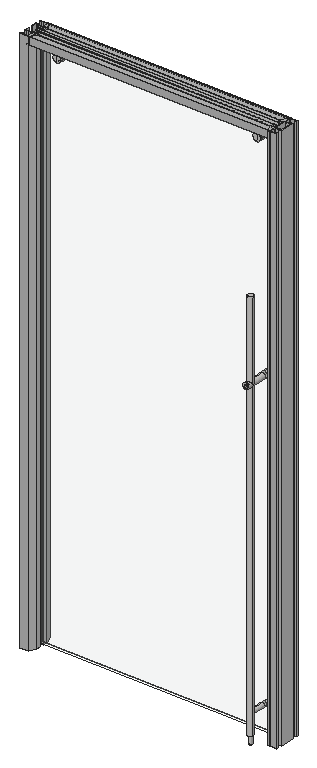
Revit family "Doors_Sliding_Avanti_Systems_Cloud-Eclipse-Sliding-Glass-Pocket-Doors_Dbl-Glazed", category Doors, Revit 2015 (continued)
Definition of nested family "Handle"
  Definition of nested family "Hinged Framed Swing locker"
    Automatic sketch dimensions
      Extrusion 14 sketch curve to plane 16 = 0.02652"
      Extrusion 14 sketch curve to Extrusion 14 sketch curve = 0.09753"
      Extrusion 14 sketch curve to Extrusion 14 sketch curve = 0.1137"
      plane 24 to curve 1 = 5/256"
      plane 25 to curve 1 = 0.32895"
      plane 3 "Center (Left/Right)" to curve 1 = 91/256"
      radius of Extrusion 4 sketch curve = 0.63654"
      radius of Extrusion 4 sketch curve = 0.60041"
      radius of Extrusion 5 sketch curve = 0.60041"
      radius of Blend 6 sketch curve = 0.21605"
      radius of Blend 6 sketch curve = 0.19257"
      radius of Extrusion 7 sketch curve = 91/256"
      radius of Extrusion 11 sketch curve = 91/256"
  Definition of nested family "Handle_For-Glass_Rounded_600mm"
    Parameters (values of type "Handle_For-Glass_Rounded_600mm")
      Handle Material [instance] = none
      Handle Height [instance] = 48"  # constant formula
      Default Elevation = 48"
    Reference planes (in)
      plane 1 "Center (Front/Back)": y = 0
      plane 2: z = 26.93599
      plane 3 "Center (Left/Right)": x = 0
      plane 4: z = 0
      plane 5: z = -2.66749
      plane 6: y = -28.44876
      plane 7: y = 14.63423
      plane 8: y = -33.36577
    Forms (in)
      Sweep 1, solid, material <- "Handle Material"
        path origin (0, -17.24158, 0) x (0, 0, 1) y (0, -1, 0)
          loop
            line (-2.10925, 11.20718) -> (0, 11.20718)
        profile origin (0, -28.44876, 0) x (0, -1, 0) y (1, 0, 0)
          loop
            circle (0, 0) r 0.3125
      Sweep 2, solid, material <- "Handle Material"
        path origin (0, 10.76459, 0) x (0, 0, 1) y (0, -1, 0)
          loop
            line (-2.30394, 1.07019) -> (0, 1.07019)
        profile origin (0, 9.69441, 0) x (0, -1, 0) y (1, 0, 0)
          loop
            circle (0, 0) r 0.3125
      Extrusion 3, solid, material <- "Handle Material"
        sketch origin (0, -17.24158, 0) x (1, 0, 0) y (0, 0, -1)
          loop
            circle (0, 2.27257) r 0.39445
        from -16.12419 to 31.87581
    Dimensions and locks (in)
      locked: plane 8 to plane 6 at 4.91701
      "Handle Height": plane 7 to plane 8
      aligned and locked: plane 7 to Extrusion 3
      aligned and locked: Extrusion 3 to plane 8
  Definition of nested family "Handle_For-Glass_Rounded_60in"
    Parameters (values of type "60"")
      No locker [instance] = yes
      Locker [instance] = yes
      Handle Material [instance] = none
      Handle Height [instance] = 60"  # constant formula
    Reference planes (in)
      plane 1 "Center (Front/Back)": y = 0
      plane 2: z = 19.87581
      plane 3 "Center (Left/Right)": x = 0
      plane 4: z = 2.66749
      plane 5: y = -36.97039
      plane 6: z = 0
      plane 7: y = 20.02961
      plane 8: y = -39.97039
    Forms (in)
      Sweep 1, solid, material <- "Handle Material"
        path origin (0, -11.8462, 0) x (0, 0, -1) y (0, 1, 0)
          loop
            line (-2.10925, -25.12419) -> (0, -25.12419)
        profile origin (0, -36.97039, 0) x (1, 0, 0) y (0, 1, 0)
          loop
            circle (0, 0) r 0.3125
      Sweep 2, solid, material <- "Handle Material"
        path origin (0, 16.15997, 0) x (0, 0, -1) y (0, 1, 0)
          loop
            line (-3.10757, -8.13036) -> (0, -8.13036)
        profile origin (0, 8.02961, 0) x (1, 0, 0) y (0, 1, 0)
          loop
            circle (0, 0) r 0.4375
      Extrusion 3, solid, material <- "Handle Material"
        sketch origin (0, -11.8462, 0) x (1, 0, 0) y (0, 0, -1)
          loop
            circle (0, -2.27257) r 0.39445
        from -28.12419 to 31.87581
      Revolve 4, solid, material <- "Handle Material"
        sketch origin (0, -11.8462, 0) x (0, 0, -1) y (0, 1, 0)
          loop
            line (-3.10757, 20.0489) -> (-3.19084, 20.0489) -> (-3.19084, 19.87581) -> (-3.10757, 19.87581) -> (-3.10757, 20.0489)
          axis (-3.10757, 19.87581) -> (-3.19084, 19.87581)
        angle from 0 to 360
      Extrusion 5, solid, material <- "Handle Material", visible <- "Locker"
        sketch origin (0, -11.8462, 0) x (0, 0, -1) y (0, 1, 0)
          loop
            line (-3.19084, 19.98905) -> (-3.34908, 19.98905)
            arc (-3.34908, 19.98905) -> (-3.37904, 19.97664) -> (-3.39145, 19.94668) r 0.04237
            line (-3.39145, 19.94668) -> (-3.39145, 19.80495)
            arc (-3.39145, 19.80495) -> (-3.37904, 19.77499) -> (-3.34908, 19.76258) r 0.04237
            line (-3.34908, 19.76258) -> (-3.19084, 19.76258) -> (-3.19084, 19.98905)
        from -0.03592 to 0.03621
      Revolve 6, solid, material <- "Handle Material", visible <- "No locker"
        sketch origin (0, -11.62359, 0) x (0, 0, -1) y (0, 1, 0)
          loop
            line (-3.10757, 20.0489) -> (-3.20833, 20.0489) -> (-3.20833, 19.87581) -> (-3.10757, 19.87581) -> (-3.10757, 20.0489)
          axis (-3.10757, 19.87581) -> (-3.20833, 19.87581)
        angle from 0 to 360
      Revolve 7, solid, material <- "Handle Material", visible <- "Locker"
        sketch origin (0, -11.8462, 0) x (0, 0, -1) y (0, 1, 0)
          loop
            line (-2.27257, -28.12419) -> (-2.50833, -28.12419) -> (-2.50833, -29.32199) -> (-2.41048, -29.49919) -> (-2.27257, -29.49919) -> (-2.27257, -28.12419)
          axis (-2.27257, -28.12419) -> (-2.27257, -29.49919)
        angle from 0 to 360
    Lines and regions (in)
      reference lines
        curve 1: line (0, -40.47039, 2.66749) -> (0, -40.47039, 0)
    Dimensions and locks (in)
      locked: plane 8 to plane 5 at 3
      "Handle Height": plane 7 to plane 8
      aligned and locked: Extrusion 3 to plane 7
      aligned and locked: Extrusion 3 to plane 8
      aligned and locked: Sweep 1 sketch curve to plane 5
  Definition of nested family "Handle_For-Glass_Rounded_60in2"
    Parameters (values of type "60"")
      No locker [instance] = yes
      Locker [instance] = yes
      Handle Material [instance] = none
      Handle Height [instance] = 60"  # constant formula
    Reference planes (in)
      plane 1 "Center (Front/Back)": y = 0
      plane 2: z = 19.87581
      plane 3 "Center (Left/Right)": x = 0
      plane 4: y = -36.97039
      plane 5: z = 0
      plane 6: y = 20.02961
      plane 7: y = -39.97039
      plane 8: z = -2.66749
    Forms (in)
      Sweep 1, solid, material <- "Handle Material"
        path origin (0, -11.8462, 0) x (0, 0, 1) y (0, 1, 0)
          loop
            line (-2.10925, -25.12419) -> (0, -25.12419)
        profile origin (0, -36.97039, 0) x (0, -1, 0) y (1, 0, 0)
          loop
            circle (0, 0) r 0.3125
      Sweep 2, solid, material <- "Handle Material"
        path origin (0, 16.15997, 0) x (0, 0, 1) y (0, 1, 0)
          loop
            line (-3.10757, -8.13036) -> (0, -8.13036)
        profile origin (0, 8.02961, 0) x (0, -1, 0) y (1, 0, 0)
          loop
            circle (0, 0) r 0.4375
      Extrusion 3, solid, material <- "Handle Material"
        sketch origin (0, -11.8462, 0) x (1, 0, 0) y (0, 0, -1)
          loop
            circle (0, 2.27257) r 0.39445
        from -28.12419 to 31.87581
      Revolve 4, solid, material <- "Handle Material"
        sketch origin (0, -11.8462, 0) x (0, 0, 1) y (0, 1, 0)
          loop
            line (-3.10757, 20.0489) -> (-3.19084, 20.0489) -> (-3.19084, 19.87581) -> (-3.10757, 19.87581) -> (-3.10757, 20.0489)
          axis (-3.10757, 19.87581) -> (-3.19084, 19.87581)
        angle from 0 to 360
      Extrusion 5, solid, material <- "Handle Material", visible <- "Locker"
        sketch origin (0, -11.8462, 0) x (0, 0, 1) y (0, -1, 0)
          loop
            line (-3.19084, -19.98905) -> (-3.19084, -19.76258) -> (-3.34908, -19.76258)
            arc (-3.34908, -19.76258) -> (-3.37904, -19.77499) -> (-3.39145, -19.80495) r 0.04237
            line (-3.39145, -19.80495) -> (-3.39145, -19.94668)
            arc (-3.39145, -19.94668) -> (-3.37904, -19.97664) -> (-3.34908, -19.98905) r 0.04237
            line (-3.34908, -19.98905) -> (-3.19084, -19.98905)
        from -0.03592 to 0.03621
      Revolve 6, solid, material <- "Handle Material", visible <- "No locker"
        sketch origin (0, -11.62359, 0) x (0, 0, 1) y (0, 1, 0)
          loop
            line (-3.10757, 20.0489) -> (-3.20833, 20.0489) -> (-3.20833, 19.87581) -> (-3.10757, 19.87581) -> (-3.10757, 20.0489)
          axis (-3.10757, 19.87581) -> (-3.20833, 19.87581)
        angle from 0 to 360
      Revolve 7, solid, material <- "Handle Material", visible <- "Locker"
        sketch origin (0, -11.8462, 0) x (0, 0, 1) y (0, 1, 0)
          loop
            line (-2.27257, -28.12419) -> (-2.50833, -28.12419) -> (-2.50833, -29.32199) -> (-2.41048, -29.49919) -> (-2.27257, -29.49919) -> (-2.27257, -28.12419)
          axis (-2.27257, -28.12419) -> (-2.27257, -29.49919)
        angle from 0 to 360
    Lines and regions (in)
      reference lines
        curve 1: line (0, -40.47039, -2.66749) -> (0, -40.47039, 0)
    Dimensions and locks (in)
      locked: plane 7 to plane 4 at 3
      "Handle Height": plane 6 to plane 7
Definition of nested family "Door-Frame-Right"
  Reference planes (in)
    plane 1 "Center (Front/Back)": y = 0
    plane 2: z = 0
    plane 3 "Center (Left/Right)": x = 0
  Lines and regions (in)
    model lines, in view "Ref. Level"
      curve 1: arc (-1.7216, 1.07393, 0) -> (-1.73229, 1.06679, 0) -> (-1.73642, 1.05461, 0) r 0.02
      curve 2: line (-1.56001, 1.84619, 0) -> (-1.571, 1.80572, 0)
      curve 3: line (-1.56001, 1.07381, 0) -> (-1.571, 1.11428, 0)
      curve 4: line (-1.73642, 0.93988, 0) -> (-1.73642, 1.05461, 0)
      curve 5: line (-1.56001, -1.84619, 0) -> (-1.571, -1.80572, 0)
      curve 6: arc (-0.43718, 1.98783, 0) -> (-0.44455, 1.99668, 0) -> (-0.45559, 2, 0) r 0.02
      curve 7: arc (-1.73836, 1.86591, 0) -> (-1.73422, 1.85373, 0) -> (-1.72353, 1.84659, 0) r 0.02
      curve 8: arc (-1.71836, 2, 0) -> (-1.7325, 1.99414, 0) -> (-1.73836, 1.98, 0) r 0.02
      curve 9: arc (-0.65723, 1.92, 0) -> (-0.66309, 1.93414, 0) -> (-0.67723, 1.94, 0) r 0.02
      curve 10: arc (-0.47686, 1.92783, 0) -> (-0.48424, 1.93668, 0) -> (-0.49527, 1.94, 0) r 0.02
      curve 11: arc (-1.39529, 1.94, 0) -> (-1.40747, 1.93587, 0) -> (-1.41461, 1.92518, 0) r 0.02
      curve 12: arc (-1.47427, 1.7798, 0) -> (-1.4591, 1.7818, 0) -> (-1.44978, 1.79394, 0) r 0.02
      curve 13: arc (-1.44978, 1.12606, 0) -> (-1.4591, 1.1382, 0) -> (-1.47427, 1.1402, 0) r 0.02
      curve 14: arc (-1.44978, 1.12606, 0) -> (-1.4591, 1.1382, 0) -> (-1.47427, 1.1402, 0) r 0.02
      curve 15: arc (-1.41989, 1.01452, 0) -> (-1.40616, 0.99358, 0) -> (-1.38266, 0.9849, 0) r 0.04
      curve 16: arc (-1.38266, 0.9849, 0) -> (-1.37459, 0.98629, 0) -> (-1.36776, 0.9908, 0) r 0.02
      curve 17: arc (-1.47502, 1.78, 0) -> (-1.46253, 1.7807, 0) -> (-1.45291, 1.78868, 0) r 0.02
      curve 18: arc (-1.46422, 0.91988, 0) -> (-1.49172, 0.94744, 0) -> (-1.51921, 0.91988, 0) r 0.0275
      curve 19: arc (-1.46422, 0.90826, 0) -> (-1.46143, 0.89807, 0) -> (-1.45384, 0.89073, 0) r 0.02
      curve 20: arc (-0.06, 0.76, 0) -> (-0.06586, 0.77414, 0) -> (-0.08, 0.78, 0) r 0.02
      curve 21: arc (-0.08, 0.84, 0) -> (-0.06586, 0.84586, 0) -> (-0.06, 0.86, 0) r 0.02
      curve 22: arc (-0.57723, 1.94, 0) -> (-0.59137, 1.93414, 0) -> (-0.59723, 1.92, 0) r 0.02
      curve 23: arc (-0.67723, 1.09301, 0) -> (-0.66309, 1.09887, 0) -> (-0.65723, 1.11301, 0) r 0.02
      curve 24: arc (-0.50171, 0.95901, 0) -> (-0.57892, 0.85835, 0) -> (-0.47785, 0.93503, 0) r 0.064
      curve 25: arc (-0.41533, 0.86604, 0) -> (-0.41022, 0.91639, 0) -> (-0.42565, 0.96459, 0) r 0.124
      curve 26: arc (-0.47187, 1.01106, 0) -> (-0.52041, 1.02679, 0) -> (-0.57116, 1.02164, 0) r 0.124
      curve 27: arc (-0.62284, 0.81746, 0) -> (-0.57682, 0.78728, 0) -> (-0.52227, 0.78, 0) r 0.124
      curve 28: arc (-0.62284, 0.81746, 0) -> (-0.64473, 0.82213, 0) -> (-0.65725, 0.80358, 0) r 0.02
      curve 29: arc (-0.59723, 1.0407, 0) -> (-0.58904, 1.02455, 0) -> (-0.57116, 1.02164, 0) r 0.02
      curve 30: arc (-0.41533, 0.86604, 0) -> (-0.4124, 0.84818, 0) -> (-0.39627, 0.84, 0) r 0.02
      curve 31: arc (-1.16758, 0.98901, 0) -> (-1.16641, 0.98619, 0) -> (-1.16358, 0.98501, 0) r 0.004
      curve 32: arc (-1.16358, 1.05301, 0) -> (-1.16641, 1.05184, 0) -> (-1.16758, 1.04901, 0) r 0.004
      curve 33: arc (-1.20758, 1.09301, 0) -> (-1.22172, 1.08716, 0) -> (-1.22758, 1.07301, 0) r 0.02
      curve 34: arc (-1.22403, 0.93503, 0) -> (-1.31125, 0.95918, 0) -> (-1.3354, 0.87195, 0) r 0.064
      curve 35: arc (-1.31154, 0.84796, 0) -> (-1.23458, 0.85811, 0) -> (-1.22403, 0.93503, 0) r 0.064
      curve 36: arc (-1.25204, 1.02436, 0) -> (-1.31425, 1.02258, 0) -> (-1.36776, 0.9908, 0) r 0.124
      curve 37: arc (-1.25204, 1.02436, 0) -> (-1.23511, 1.02821, 0) -> (-1.22758, 1.04386, 0) r 0.02
      curve 38: arc (-1.34138, 0.79591, 0) -> (-1.2189, 0.79542, 0) -> (-1.15575, 0.90038, 0) r 0.124
      curve 39: arc (-1.13576, 0.91988, 0) -> (-1.14972, 0.91419, 0) -> (-1.15575, 0.90038, 0) r 0.02
      curve 40: arc (-0.34204, 1.28468, 0) -> (-0.21636, 1.30192, 0) -> (-0.34212, 1.31851, 0) r 0.064
      curve 41: arc (-0.39986, 1.26867, 0) -> (-0.3162, 1.18305, 0) -> (-0.19913, 1.20807, 0) r 0.124
      curve 42: arc (-0.16762, 1.20079, 0) -> (-0.18152, 1.21244, 0) -> (-0.19913, 1.20807, 0) r 0.02
      curve 43: arc (-0.2915, 1.42526, 0) -> (-0.36005, 1.39676, 0) -> (-0.40003, 1.33422, 0) r 0.124
      curve 44: arc (-0.2915, 1.42526, 0) -> (-0.27614, 1.4349, 0) -> (-0.2749, 1.453, 0) r 0.02
      curve 45: arc (0, 0.95592, 0) -> (-0.0004, 0.95992, 0) -> (-0.0016, 0.96375, 0) r 0.02
      curve 46: arc (-0.07482, 0.54131, 0) -> (-0.06413, 0.54846, 0) -> (-0.06, 0.56063, 0) r 0.02
      curve 47: arc (-0.06, 0.94369, 0) -> (-0.0604, 0.94769, 0) -> (-0.0616, 0.95152, 0) r 0.02
      curve 48: arc (-0.73754, -0.91988, 0) -> (-0.7234, -0.91402, 0) -> (-0.71754, -0.89988, 0) r 0.02
      curve 49: arc (-1.72353, -1.84659, 0) -> (-1.73422, -1.85373, 0) -> (-1.73836, -1.86591, 0) r 0.02
      curve 50: arc (-1.73836, -1.98, 0) -> (-1.7325, -1.99414, 0) -> (-1.71836, -2, 0) r 0.02
      curve 51: arc (-0.45559, -2, 0) -> (-0.44455, -1.99668, 0) -> (-0.43718, -1.98783, 0) r 0.02
      curve 52: arc (-0.67723, -1.94, 0) -> (-0.66309, -1.93414, 0) -> (-0.65723, -1.92, 0) r 0.02
      curve 53: arc (-0.49527, -1.94, 0) -> (-0.48424, -1.93668, 0) -> (-0.47686, -1.92783, 0) r 0.02
      curve 54: arc (-1.41461, -1.92518, 0) -> (-1.40747, -1.93587, 0) -> (-1.39529, -1.94, 0) r 0.02
      curve 55: arc (-1.44978, -1.79394, 0) -> (-1.4591, -1.7818, 0) -> (-1.47427, -1.7798, 0) r 0.02
      curve 56: arc (-1.47427, -1.1402, 0) -> (-1.4591, -1.1382, 0) -> (-1.44978, -1.12606, 0) r 0.02
      curve 57: arc (-1.73642, -1.05461, 0) -> (-1.73229, -1.06679, 0) -> (-1.7216, -1.07393, 0) r 0.02
      curve 58: arc (-1.47427, -1.1402, 0) -> (-1.4591, -1.1382, 0) -> (-1.44978, -1.12606, 0) r 0.02
      curve 59: arc (-1.38266, -0.9849, 0) -> (-1.40616, -0.99358, 0) -> (-1.41989, -1.01452, 0) r 0.04
      curve 60: arc (-1.36776, -0.9908, 0) -> (-1.37459, -0.98629, 0) -> (-1.38266, -0.9849, 0) r 0.02
      curve 61: arc (-1.45291, -1.78868, 0) -> (-1.46253, -1.7807, 0) -> (-1.47502, -1.78, 0) r 0.02
      curve 62: arc (-1.51921, -0.91988, 0) -> (-1.49172, -0.94744, 0) -> (-1.46422, -0.91988, 0) r 0.0275
      curve 63: arc (-1.45384, -0.89073, 0) -> (-1.46143, -0.89807, 0) -> (-1.46422, -0.90826, 0) r 0.02
      curve 64: arc (-0.59723, -1.92, 0) -> (-0.59137, -1.93414, 0) -> (-0.57723, -1.94, 0) r 0.02
      curve 65: arc (-0.65723, -1.11301, 0) -> (-0.66309, -1.09887, 0) -> (-0.67723, -1.09301, 0) r 0.02
      curve 66: arc (-0.47785, -0.93503, 0) -> (-0.57892, -0.85835, 0) -> (-0.50171, -0.95901, 0) r 0.064
      curve 67: arc (-0.42565, -0.96459, 0) -> (-0.41022, -0.91639, 0) -> (-0.41533, -0.86604, 0) r 0.124
      curve 68: arc (-0.57116, -1.02164, 0) -> (-0.52041, -1.02679, 0) -> (-0.47187, -1.01106, 0) r 0.124
      curve 69: arc (-0.54481, -0.78, 0) -> (-0.58736, -0.79177, 0) -> (-0.62308, -0.81771, 0) r 0.124
      curve 70: arc (-0.65725, -0.80055, 0) -> (-0.6465, -0.82174, 0) -> (-0.62308, -0.81771, 0) r 0.02
      curve 71: arc (-0.57116, -1.02164, 0) -> (-0.58904, -1.02455, 0) -> (-0.59723, -1.0407, 0) r 0.02
      curve 72: arc (-0.39627, -0.84, 0) -> (-0.4124, -0.84818, 0) -> (-0.41533, -0.86604, 0) r 0.02
      curve 73: arc (-1.22758, -1.07301, 0) -> (-1.22172, -1.08716, 0) -> (-1.20758, -1.09301, 0) r 0.02
      curve 74: arc (-1.3354, -0.87195, 0) -> (-1.31125, -0.95918, 0) -> (-1.22403, -0.93503, 0) r 0.064
      curve 75: arc (-1.22403, -0.93503, 0) -> (-1.23458, -0.85811, 0) -> (-1.31154, -0.84796, 0) r 0.064
      curve 76: arc (-1.36776, -0.9908, 0) -> (-1.31425, -1.02258, 0) -> (-1.25204, -1.02436, 0) r 0.124
      curve 77: arc (-1.22758, -1.04386, 0) -> (-1.23511, -1.02821, 0) -> (-1.25204, -1.02436, 0) r 0.02
      curve 78: arc (-1.15575, -0.90038, 0) -> (-1.2189, -0.79542, 0) -> (-1.34138, -0.79591, 0) r 0.124
      curve 79: arc (-1.15575, -0.90038, 0) -> (-1.14972, -0.91419, 0) -> (-1.13576, -0.91988, 0) r 0.02
      curve 80: arc (-0.34212, -1.31851, 0) -> (-0.21636, -1.30192, 0) -> (-0.34204, -1.28468, 0) r 0.064
      curve 81: arc (-0.19913, -1.20807, 0) -> (-0.3162, -1.18305, 0) -> (-0.39986, -1.26867, 0) r 0.124
      curve 82: arc (-0.19913, -1.20807, 0) -> (-0.18152, -1.21244, 0) -> (-0.16762, -1.20079, 0) r 0.02
      curve 83: arc (-0.40003, -1.33422, 0) -> (-0.36005, -1.39676, 0) -> (-0.2915, -1.42526, 0) r 0.124
      curve 84: arc (-0.2749, -1.453, 0) -> (-0.27614, -1.4349, 0) -> (-0.2915, -1.42526, 0) r 0.02
      curve 85: arc (-0.0016, -0.96375, 0) -> (-0.0004, -0.95992, 0) -> (0, -0.95592, 0) r 0.02
      curve 86: arc (-0.08, -0.78, 0) -> (-0.06586, -0.77414, 0) -> (-0.06, -0.76, 0) r 0.02
      curve 87: arc (-0.06, -0.55796, 0) -> (-0.06413, -0.54578, 0) -> (-0.07482, -0.53864, 0) r 0.02
      curve 88: arc (-0.06, -0.86, 0) -> (-0.06586, -0.84586, 0) -> (-0.08, -0.84, 0) r 0.02
      curve 89: arc (-0.0616, -0.95152, 0) -> (-0.0604, -0.94769, 0) -> (-0.06, -0.94369, 0) r 0.02
      curve 90: arc (-1.67642, -0.89988, 0) -> (-1.67056, -0.91402, 0) -> (-1.65642, -0.91988, 0) r 0.02
      curve 91: arc (-1.65642, 0.91988, 0) -> (-1.67056, 0.91402, 0) -> (-1.67642, 0.89988, 0) r 0.02
      curve 92: arc (-0.71723, 0.89988, 0) -> (-0.72309, 0.91402, 0) -> (-0.73723, 0.91988, 0) r 0.02
      curve 93: arc (0, -0.40431, 0) -> (-0.00413, -0.39214, 0) -> (-0.01483, -0.38499, 0) r 0.02
      curve 94: arc (-0.32066, -0.45206, 0) -> (-0.31866, -0.46724, 0) -> (-0.30652, -0.47655, 0) r 0.02
      curve 95: arc (-0.26409, -0.3182, 0) -> (-0.27926, -0.3202, 0) -> (-0.28858, -0.33234, 0) r 0.02
      curve 96: arc (-0.28665, 0.33554, 0) -> (-0.27733, 0.3234, 0) -> (-0.26215, 0.3214, 0) r 0.02
      curve 97: arc (-0.01483, 0.38767, 0) -> (-0.00414, 0.39481, 0) -> (0, 0.40699, 0) r 0.02
      curve 98: arc (-0.30458, 0.47975, 0) -> (-0.31673, 0.47043, 0) -> (-0.31872, 0.45526, 0) r 0.02
      curve 99: arc (-0.28665, 0.33554, 0) -> (-0.27733, 0.3234, 0) -> (-0.26215, 0.3214, 0) r 0.02
      curve 100: line (-0.73723, 0.91988, 0) -> (-1.13576, 0.91988, 0)
      curve 101: line (-1.65642, 0.91988, 0) -> (-1.51921, 0.91988, 0)
      curve 102: line (-1.51921, 0.91988, 0) -> (-1.59966, 0.91988, 0)
      curve 103: line (-1.3119, 1.94, 0) -> (-1.37995, 1.94, 0)
      curve 104: line (-1.73836, 1.86591, 0) -> (-1.73836, 1.98, 0)
      curve 105: line (-1.71836, 2, 0) -> (-0.45559, 2, 0)
      curve 106: line (-1.39529, 1.94, 0) -> (-0.67723, 1.94, 0)
      curve 107: line (-0.57723, 1.94, 0) -> (-0.49527, 1.94, 0)
      curve 108: line (-1.47427, 1.7798, 0) -> (-1.571, 1.80572, 0)
      curve 109: line (-1.56001, 1.84619, 0) -> (-1.50205, 1.83066, 0)
      curve 110: line (-1.50205, 1.83066, 0) -> (-1.48601, 1.89055, 0)
      curve 111: line (-1.48601, 1.89055, 0) -> (-1.69851, 1.94749, 0)
      curve 112: line (-1.69851, 1.94749, 0) -> (-1.71456, 1.8876, 0)
      curve 113: line (-1.71456, 1.8876, 0) -> (-1.6566, 1.87207, 0)
      curve 114: line (-1.6566, 1.87207, 0) -> (-1.66746, 1.83156, 0)
      curve 115: line (-1.66746, 1.83156, 0) -> (-1.72353, 1.84659, 0)
      curve 116: line (-1.41461, 1.92518, 0) -> (-1.44978, 1.79394, 0)
      curve 117: line (-1.47427, 1.1402, 0) -> (-1.571, 1.11428, 0)
      curve 118: line (-1.7216, 1.07393, 0) -> (-1.66746, 1.08844, 0)
      curve 119: line (-1.66746, 1.08844, 0) -> (-1.6566, 1.04793, 0)
      curve 120: line (-1.6566, 1.04793, 0) -> (-1.71456, 1.0324, 0)
      curve 121: line (-1.71456, 1.0324, 0) -> (-1.69851, 0.97251, 0)
      curve 122: line (-1.69851, 0.97251, 0) -> (-1.48601, 1.02945, 0)
      curve 123: line (-1.48601, 1.02945, 0) -> (-1.50205, 1.08934, 0)
      curve 124: line (-1.50205, 1.08934, 0) -> (-1.56001, 1.07381, 0)
      curve 125: line (-1.41989, 1.01452, 0) -> (-1.44978, 1.12606, 0)
      curve 126: line (-1.46422, 0.91988, 0) -> (-1.46422, 0.90826, 0)
      curve 127: line (-0.54481, 0.78, 0) -> (-0.08, 0.78, 0)
      curve 128: line (-0.39627, 0.84, 0) -> (-0.08, 0.84, 0)
      curve 129: line (-0.59723, 1.92, 0) -> (-0.59723, 1.0407, 0)
      curve 130: line (-0.65723, 1.92, 0) -> (-0.65723, 1.31753, 0)
      curve 131: line (-0.65723, 1.31753, 0) -> (-0.64128, 1.30176, 0)
      curve 132: line (-0.64128, 1.30176, 0) -> (-0.65723, 1.28599, 0)
      curve 133: line (-0.65723, 1.28599, 0) -> (-0.65723, 1.11301, 0)
      curve 134: line (-0.73714, 1.09301, 0) -> (-0.73714, 1.05301, 0)
      curve 135: line (-0.73714, 1.05301, 0) -> (-0.65723, 1.04901, 0)
      curve 136: line (-0.65723, 1.04901, 0) -> (-0.65723, 0.98901, 0)
      curve 137: line (-0.65723, 0.98901, 0) -> (-1.16758, 0.98901, 0)
      curve 138: line (-1.16758, 0.98901, 0) -> (-1.16358, 1.05301, 0)
      curve 139: line (-1.16358, 1.05301, 0) -> (-1.08758, 1.05301, 0)
      curve 140: line (-1.20758, 1.09301, 0) -> (-1.08758, 1.09301, 0)
      curve 141: line (-1.08758, 1.09301, 0) -> (-1.08758, 1.05301, 0)
      curve 142: line (-0.67723, 1.09301, 0) -> (-0.73714, 1.09301, 0)
      curve 143: line (-0.73714, 1.09301, 0) -> (-0.67723, 1.09301, 0)
      curve 144: line (-1.22758, 1.07301, 0) -> (-1.22758, 1.04386, 0)
      curve 145: line (-0.50171, 0.95901, 0) -> (-0.47187, 1.01106, 0)
      curve 146: line (-0.47785, 0.93503, 0) -> (-0.42565, 0.96459, 0)
      curve 147: line (-1.34138, 0.79591, 0) -> (-1.31154, 0.84796, 0)
      curve 148: line (-1.45384, 0.89073, 0) -> (-1.38761, 0.84238, 0)
      curve 149: line (-1.38761, 0.84238, 0) -> (-1.3354, 0.87195, 0)
      curve 150: line (-0.34212, 1.31851, 0) -> (-0.40003, 1.33422, 0)
      curve 151: line (-0.34204, 1.28468, 0) -> (-0.39986, 1.26867, 0)
      curve 152: line (0, 0.42254, 0) -> (0, 0.95592, 0)
      curve 153: line (-0.06, 0.56063, 0) -> (-0.06, 0.76, 0)
      curve 154: line (-0.06, 0.86, 0) -> (-0.06, 0.94369, 0)
      curve 155: line (-0.0016, 0.96375, 0) -> (-0.43718, 1.98783, 0)
      curve 156: line (-0.0616, 0.95152, 0) -> (-0.16762, 1.20079, 0)
      curve 157: line (-0.2749, 1.453, 0) -> (-0.47686, 1.92783, 0)
      curve 158: line (-0.73754, -0.91988, 0) -> (-1.13576, -0.91988, 0)
      curve 159: line (-1.65642, -0.91988, 0) -> (-1.51921, -0.91988, 0)
      curve 160: line (-1.51921, -0.91988, 0) -> (-1.59966, -0.91988, 0)
      curve 161: line (-1.3119, -1.94, 0) -> (-1.37995, -1.94, 0)
      curve 162: line (-1.73836, -1.86591, 0) -> (-1.73836, -1.98, 0)
      curve 163: line (-1.71836, -2, 0) -> (-0.45559, -2, 0)
      curve 164: line (-1.39529, -1.94, 0) -> (-0.67723, -1.94, 0)
      curve 165: line (-0.57723, -1.94, 0) -> (-0.49527, -1.94, 0)
      curve 166: line (-1.47427, -1.7798, 0) -> (-1.571, -1.80572, 0)
      curve 167: line (-1.56001, -1.84619, 0) -> (-1.50205, -1.83066, 0)
      curve 168: line (-1.50205, -1.83066, 0) -> (-1.48601, -1.89055, 0)
      curve 169: line (-1.48601, -1.89055, 0) -> (-1.69851, -1.94749, 0)
      curve 170: line (-1.69851, -1.94749, 0) -> (-1.71456, -1.8876, 0)
      curve 171: line (-1.71456, -1.8876, 0) -> (-1.6566, -1.87207, 0)
      curve 172: line (-1.6566, -1.87207, 0) -> (-1.66746, -1.83156, 0)
      curve 173: line (-1.66746, -1.83156, 0) -> (-1.72353, -1.84659, 0)
      curve 174: line (-1.41461, -1.92518, 0) -> (-1.44978, -1.79394, 0)
      curve 175: line (-1.47427, -1.1402, 0) -> (-1.571, -1.11428, 0)
      curve 176: line (-1.7216, -1.07393, 0) -> (-1.66746, -1.08844, 0)
      curve 177: line (-1.66746, -1.08844, 0) -> (-1.6566, -1.04793, 0)
      curve 178: line (-1.6566, -1.04793, 0) -> (-1.71456, -1.0324, 0)
      curve 179: line (-1.71456, -1.0324, 0) -> (-1.69851, -0.97251, 0)
      curve 180: line (-1.69851, -0.97251, 0) -> (-1.48601, -1.02945, 0)
      curve 181: line (-1.48601, -1.02945, 0) -> (-1.50205, -1.08934, 0)
      curve 182: line (-1.50205, -1.08934, 0) -> (-1.56001, -1.07381, 0)
      curve 183: line (-1.56001, -1.07381, 0) -> (-1.571, -1.11428, 0)
      curve 184: line (-1.41989, -1.01452, 0) -> (-1.44978, -1.12606, 0)
      curve 185: line (-1.73642, 0.93988, 0) -> (-1.73642, -0.93988, 0)
      curve 186: line (-1.73642, -0.93988, 0) -> (-1.73642, -1.05461, 0)
      curve 187: line (-1.46422, -0.91988, 0) -> (-1.46422, -0.90826, 0)
      curve 188: line (-0.54481, -0.78, 0) -> (-0.08, -0.78, 0)
      curve 189: line (-0.39627, -0.84, 0) -> (-0.08, -0.84, 0)
      curve 190: line (-0.59723, -1.92, 0) -> (-0.59723, -1.0407, 0)
      curve 191: line (-0.65723, -1.92, 0) -> (-0.65723, -1.31753, 0)
      curve 192: line (-0.65723, -1.31753, 0) -> (-0.64128, -1.30176, 0)
      curve 193: line (-0.64128, -1.30176, 0) -> (-0.65723, -1.28599, 0)
      curve 194: line (-0.65723, -1.28599, 0) -> (-0.65723, -1.11301, 0)
      curve 195: line (-0.73714, -1.09301, 0) -> (-0.73714, -1.05301, 0)
      curve 196: line (-0.73714, -1.05301, 0) -> (-0.65723, -1.04901, 0)
      curve 197: line (-0.65723, -1.04901, 0) -> (-0.65723, -0.98901, 0)
      curve 198: line (-0.65723, -0.98901, 0) -> (-1.16758, -0.98901, 0)
      curve 199: line (-1.16758, -0.98901, 0) -> (-1.16358, -1.05301, 0)
      curve 200: line (-1.16358, -1.05301, 0) -> (-1.08758, -1.05301, 0)
      curve 201: line (-1.20758, -1.09301, 0) -> (-1.08758, -1.09301, 0)
      curve 202: line (-1.08758, -1.09301, 0) -> (-1.08758, -1.05301, 0)
      curve 203: line (-0.67723, -1.09301, 0) -> (-0.73714, -1.09301, 0)
      curve 204: line (-0.73714, -1.09301, 0) -> (-0.67723, -1.09301, 0)
      curve 205: line (-1.22758, -1.07301, 0) -> (-1.22758, -1.04386, 0)
      curve 206: line (-0.50171, -0.95901, 0) -> (-0.47187, -1.01106, 0)
      curve 207: line (-0.47785, -0.93503, 0) -> (-0.42565, -0.96459, 0)
      curve 208: line (-1.34138, -0.79591, 0) -> (-1.31154, -0.84796, 0)
      curve 209: line (-1.45384, -0.89073, 0) -> (-1.38761, -0.84238, 0)
      curve 210: line (-1.38761, -0.84238, 0) -> (-1.3354, -0.87195, 0)
      curve 211: line (-0.34212, -1.31851, 0) -> (-0.40003, -1.33422, 0)
      curve 212: line (-0.34204, -1.28468, 0) -> (-0.39986, -1.26867, 0)
      curve 213: line (0, -0.42254, 0) -> (0, -0.95592, 0)
      curve 214: line (-0.06, -0.55796, 0) -> (-0.06, -0.76, 0)
      curve 215: line (-0.06, -0.86, 0) -> (-0.06, -0.94369, 0)
      curve 216: line (-0.0016, -0.96375, 0) -> (-0.43718, -1.98783, 0)
      curve 217: line (-0.0616, -0.95152, 0) -> (-0.16762, -1.20079, 0)
      curve 218: line (-0.2749, -1.453, 0) -> (-0.47686, -1.92783, 0)
      curve 219: line (-1.67642, 0.89988, 0) -> (-1.67642, 0.6169, 0)
      curve 220: line (-1.67642, 0.6169, 0) -> (-1.61642, 0.6169, 0)
      curve 221: line (-1.61642, 0.6169, 0) -> (-1.61642, 0.5569, 0)
      curve 222: line (-1.61642, 0.5569, 0) -> (-1.67642, 0.5569, 0)
      curve 223: line (-1.67642, 0.5569, 0) -> (-1.67642, 0.2169, 0)
      curve 224: line (-1.67642, 0.2169, 0) -> (-1.61642, 0.2169, 0)
      curve 225: line (-1.61642, 0.2169, 0) -> (-1.61642, 0.1569, 0)
      curve 226: line (-1.61642, 0.1569, 0) -> (-1.67642, 0.1569, 0)
      curve 227: line (-1.67642, 0.1569, 0) -> (-1.67642, -0.1569, 0)
      curve 228: line (-1.67642, -0.1569, 0) -> (-1.61642, -0.1569, 0)
      curve 229: line (-0.65725, 0.80358, 0) -> (-0.65725, -0.80055, 0)
      curve 230: line (-0.71723, 0.89988, 0) -> (-0.71723, -0.89988, 0)
      curve 231: line (-1.67642, -0.89988, 0) -> (-1.67642, -0.6169, 0)
      curve 232: line (-1.67642, -0.6169, 0) -> (-1.61642, -0.6169, 0)
      curve 233: line (-1.61642, -0.6169, 0) -> (-1.61642, -0.5569, 0)
      curve 234: line (-1.61642, -0.5569, 0) -> (-1.67642, -0.5569, 0)
      curve 235: line (-1.67642, -0.2169, 0) -> (-1.67642, -0.5569, 0)
      curve 236: line (-1.67642, -0.5569, 0) -> (-1.67642, -0.2169, 0)
      curve 237: line (-1.67642, -0.2169, 0) -> (-1.61642, -0.2169, 0)
      curve 238: line (-1.61642, -0.2169, 0) -> (-1.61642, -0.1569, 0)
      curve 239: line (0, -0.40431, 0) -> (0, -0.5184, 0)
      curve 240: line (-0.26409, -0.3182, 0) -> (-0.16736, -0.34412, 0)
      curve 241: line (-0.16736, -0.34412, 0) -> (-0.17835, -0.38459, 0)
      curve 242: line (-0.17835, -0.38459, 0) -> (-0.2363, -0.36906, 0)
      curve 243: line (-0.2363, -0.36906, 0) -> (-0.25235, -0.42895, 0)
      curve 244: line (-0.25235, -0.42895, 0) -> (-0.03985, -0.48589, 0)
      curve 245: line (-0.03985, -0.48589, 0) -> (-0.0238, -0.426, 0)
      curve 246: line (-0.0238, -0.426, 0) -> (-0.08176, -0.41048, 0)
      curve 247: line (-0.08176, -0.41048, 0) -> (-0.0709, -0.36997, 0)
      curve 248: line (-0.0709, -0.36997, 0) -> (-0.01483, -0.38499, 0)
      curve 249: line (-0.07482, -0.53864, 0) -> (-0.30652, -0.47655, 0)
      curve 250: line (-0.32066, -0.45206, 0) -> (-0.28858, -0.33234, 0)
      curve 251: line (-0.26215, 0.3214, 0) -> (-0.16542, 0.34732, 0)
      curve 252: line (-0.16542, 0.34732, 0) -> (-0.17641, 0.38779, 0)
      curve 253: line (-0.17641, 0.38779, 0) -> (-0.23437, 0.37226, 0)
      curve 254: line (-0.23437, 0.37226, 0) -> (-0.25042, 0.43215, 0)
      curve 255: line (-0.25042, 0.43215, 0) -> (-0.03791, 0.48909, 0)
      curve 256: line (-0.03791, 0.48909, 0) -> (-0.02187, 0.4292, 0)
      curve 257: line (-0.02187, 0.4292, 0) -> (-0.08875, 0.41144, 0)
      curve 258: line (-0.08875, 0.41144, 0) -> (-0.0779, 0.37093, 0)
      curve 259: line (-0.0779, 0.37093, 0) -> (-0.01483, 0.38767, 0)
      curve 260: line (-0.07482, 0.54131, 0) -> (-0.30458, 0.47975, 0)
      curve 261: line (-0.31872, 0.45526, 0) -> (-0.28665, 0.33554, 0)
      curve 262: line (0, 0.52172, 0) -> (0, 0.40699, 0)
Definition of nested family "Door-Frame-Left"
  Reference planes (in)
    plane 1 "Center (Front/Back)": y = 0
    plane 2: z = 0
    plane 3 "Center (Left/Right)": x = 0
  Lines and regions (in)
    model lines, in view "Ref. Level"
      curve 1: arc (0.43718, -1.98783, 0) -> (0.44455, -1.99668, 0) -> (0.45559, -2, 0) r 0.02
      curve 2: arc (1.73642, 1.05461, 0) -> (1.73229, 1.06679, 0) -> (1.7216, 1.07393, 0) r 0.02
      curve 3: arc (0, 0.40699, 0) -> (0.00414, 0.39481, 0) -> (0.01483, 0.38767, 0) r 0.02
      curve 4: line (1.56001, 1.84619, 0) -> (1.571, 1.80572, 0)
      curve 5: line (1.56001, 1.07381, 0) -> (1.571, 1.11428, 0)
      curve 6: line (1.73642, 0.93988, 0) -> (1.73642, 1.05461, 0)
      curve 7: line (0.17835, -0.38459, 0) -> (0.16736, -0.34412, 0)
      curve 8: line (0.17641, 0.38779, 0) -> (0.16542, 0.34732, 0)
      curve 9: line (0, 0.52172, 0) -> (0, 0.40699, 0)
      curve 10: arc (1.72353, 1.84659, 0) -> (1.73422, 1.85373, 0) -> (1.73836, 1.86591, 0) r 0.02
      curve 11: arc (1.73836, 1.98, 0) -> (1.7325, 1.99414, 0) -> (1.71836, 2, 0) r 0.02
      curve 12: arc (0.45559, 2, 0) -> (0.44455, 1.99668, 0) -> (0.43718, 1.98783, 0) r 0.02
      curve 13: arc (0.67723, 1.94, 0) -> (0.66309, 1.93414, 0) -> (0.65723, 1.92, 0) r 0.02
      curve 14: arc (0.49527, 1.94, 0) -> (0.48424, 1.93668, 0) -> (0.47686, 1.92783, 0) r 0.02
      curve 15: arc (1.41461, 1.92518, 0) -> (1.40747, 1.93587, 0) -> (1.39529, 1.94, 0) r 0.02
      curve 16: arc (1.44978, 1.79394, 0) -> (1.4591, 1.7818, 0) -> (1.47427, 1.7798, 0) r 0.02
      curve 17: arc (1.47427, 1.1402, 0) -> (1.4591, 1.1382, 0) -> (1.44978, 1.12606, 0) r 0.02
      curve 18: arc (1.47427, 1.1402, 0) -> (1.4591, 1.1382, 0) -> (1.44978, 1.12606, 0) r 0.02
      curve 19: arc (1.38266, 0.9849, 0) -> (1.40616, 0.99358, 0) -> (1.41989, 1.01452, 0) r 0.04
      curve 20: arc (1.36776, 0.9908, 0) -> (1.37459, 0.98629, 0) -> (1.38266, 0.9849, 0) r 0.02
      curve 21: arc (1.45291, 1.78868, 0) -> (1.46253, 1.7807, 0) -> (1.47502, 1.78, 0) r 0.02
      curve 22: arc (1.51921, 0.91988, 0) -> (1.49172, 0.94744, 0) -> (1.46422, 0.91988, 0) r 0.0275
      curve 23: arc (1.45384, 0.89073, 0) -> (1.46143, 0.89807, 0) -> (1.46422, 0.90826, 0) r 0.02
      curve 24: arc (0.08, 0.78, 0) -> (0.06586, 0.77414, 0) -> (0.06, 0.76, 0) r 0.02
      curve 25: arc (0.06, 0.86, 0) -> (0.06586, 0.84586, 0) -> (0.08, 0.84, 0) r 0.02
      curve 26: arc (0.59723, 1.92, 0) -> (0.59137, 1.93414, 0) -> (0.57723, 1.94, 0) r 0.02
      curve 27: arc (0.65723, 1.11301, 0) -> (0.66309, 1.09887, 0) -> (0.67723, 1.09301, 0) r 0.02
      curve 28: arc (0.47785, 0.93503, 0) -> (0.57892, 0.85835, 0) -> (0.50171, 0.95901, 0) r 0.064
      curve 29: arc (0.42565, 0.96459, 0) -> (0.41022, 0.91639, 0) -> (0.41533, 0.86604, 0) r 0.124
      curve 30: arc (0.57116, 1.02164, 0) -> (0.52041, 1.02679, 0) -> (0.47187, 1.01106, 0) r 0.124
      curve 31: arc (0.52227, 0.78, 0) -> (0.57682, 0.78728, 0) -> (0.62284, 0.81746, 0) r 0.124
      curve 32: arc (0.65725, 0.80358, 0) -> (0.64473, 0.82213, 0) -> (0.62284, 0.81746, 0) r 0.02
      curve 33: arc (0.57116, 1.02164, 0) -> (0.58904, 1.02455, 0) -> (0.59723, 1.0407, 0) r 0.02
      curve 34: arc (0.39627, 0.84, 0) -> (0.4124, 0.84818, 0) -> (0.41533, 0.86604, 0) r 0.02
      curve 35: arc (1.22758, 1.07301, 0) -> (1.22172, 1.08716, 0) -> (1.20758, 1.09301, 0) r 0.02
      curve 36: arc (1.3354, 0.87195, 0) -> (1.31125, 0.95918, 0) -> (1.22403, 0.93503, 0) r 0.064
      curve 37: arc (1.22403, 0.93503, 0) -> (1.23458, 0.85811, 0) -> (1.31154, 0.84796, 0) r 0.064
      curve 38: arc (1.36776, 0.9908, 0) -> (1.31425, 1.02258, 0) -> (1.25204, 1.02436, 0) r 0.124
      curve 39: arc (1.22758, 1.04386, 0) -> (1.23511, 1.02821, 0) -> (1.25204, 1.02436, 0) r 0.02
      curve 40: arc (1.15575, 0.90038, 0) -> (1.2189, 0.79542, 0) -> (1.34138, 0.79591, 0) r 0.124
      curve 41: arc (1.15575, 0.90038, 0) -> (1.14972, 0.91419, 0) -> (1.13576, 0.91988, 0) r 0.02
      curve 42: arc (0.34212, 1.31851, 0) -> (0.21636, 1.30192, 0) -> (0.34204, 1.28468, 0) r 0.064
      curve 43: arc (0.19913, 1.20807, 0) -> (0.3162, 1.18305, 0) -> (0.39986, 1.26867, 0) r 0.124
      curve 44: arc (0.19913, 1.20807, 0) -> (0.18152, 1.21244, 0) -> (0.16762, 1.20079, 0) r 0.02
      curve 45: arc (0.40003, 1.33422, 0) -> (0.36005, 1.39676, 0) -> (0.2915, 1.42526, 0) r 0.124
      curve 46: arc (0.2749, 1.453, 0) -> (0.27614, 1.4349, 0) -> (0.2915, 1.42526, 0) r 0.02
      curve 47: arc (0.0016, 0.96375, 0) -> (0.0004, 0.95992, 0) -> (0, 0.95592, 0) r 0.02
      curve 48: arc (0.06, 0.56063, 0) -> (0.06413, 0.54846, 0) -> (0.07482, 0.54131, 0) r 0.02
      curve 49: arc (0.0616, 0.95152, 0) -> (0.0604, 0.94769, 0) -> (0.06, 0.94369, 0) r 0.02
      curve 50: arc (0.71754, -0.89988, 0) -> (0.7234, -0.91402, 0) -> (0.73754, -0.91988, 0) r 0.02
      curve 51: arc (1.73836, -1.86591, 0) -> (1.73422, -1.85373, 0) -> (1.72353, -1.84659, 0) r 0.02
      curve 52: arc (1.71836, -2, 0) -> (1.7325, -1.99414, 0) -> (1.73836, -1.98, 0) r 0.02
      curve 53: arc (0.65723, -1.92, 0) -> (0.66309, -1.93414, 0) -> (0.67723, -1.94, 0) r 0.02
      curve 54: arc (0.47686, -1.92783, 0) -> (0.48424, -1.93668, 0) -> (0.49527, -1.94, 0) r 0.02
      curve 55: arc (1.39529, -1.94, 0) -> (1.40747, -1.93587, 0) -> (1.41461, -1.92518, 0) r 0.02
      curve 56: arc (1.47427, -1.7798, 0) -> (1.4591, -1.7818, 0) -> (1.44978, -1.79394, 0) r 0.02
      curve 57: arc (1.44978, -1.12606, 0) -> (1.4591, -1.1382, 0) -> (1.47427, -1.1402, 0) r 0.02
      curve 58: arc (1.7216, -1.07393, 0) -> (1.73229, -1.06679, 0) -> (1.73642, -1.05461, 0) r 0.02
      curve 59: arc (1.44978, -1.12606, 0) -> (1.4591, -1.1382, 0) -> (1.47427, -1.1402, 0) r 0.02
      curve 60: arc (1.41989, -1.01452, 0) -> (1.40616, -0.99358, 0) -> (1.38266, -0.9849, 0) r 0.04
      curve 61: arc (1.38266, -0.9849, 0) -> (1.37459, -0.98629, 0) -> (1.36776, -0.9908, 0) r 0.02
      curve 62: arc (1.47502, -1.78, 0) -> (1.46253, -1.7807, 0) -> (1.45291, -1.78868, 0) r 0.02
      curve 63: arc (1.46422, -0.91988, 0) -> (1.49172, -0.94744, 0) -> (1.51921, -0.91988, 0) r 0.0275
      curve 64: arc (1.46422, -0.90826, 0) -> (1.46143, -0.89807, 0) -> (1.45384, -0.89073, 0) r 0.02
      curve 65: arc (0.57723, -1.94, 0) -> (0.59137, -1.93414, 0) -> (0.59723, -1.92, 0) r 0.02
      curve 66: arc (0.67723, -1.09301, 0) -> (0.66309, -1.09887, 0) -> (0.65723, -1.11301, 0) r 0.02
      curve 67: arc (0.50171, -0.95901, 0) -> (0.57892, -0.85835, 0) -> (0.47785, -0.93503, 0) r 0.064
      curve 68: arc (0.41533, -0.86604, 0) -> (0.41022, -0.91639, 0) -> (0.42565, -0.96459, 0) r 0.124
      curve 69: arc (0.47187, -1.01106, 0) -> (0.52041, -1.02679, 0) -> (0.57116, -1.02164, 0) r 0.124
      curve 70: arc (0.62308, -0.81771, 0) -> (0.57698, -0.78735, 0) -> (0.52227, -0.78, 0) r 0.124
      curve 71: arc (0.62308, -0.81771, 0) -> (0.64498, -0.82243, 0) -> (0.65753, -0.80387, 0) r 0.02
      curve 72: arc (0.59723, -1.0407, 0) -> (0.58904, -1.02455, 0) -> (0.57116, -1.02164, 0) r 0.02
      curve 73: arc (0.41533, -0.86604, 0) -> (0.4124, -0.84818, 0) -> (0.39627, -0.84, 0) r 0.02
      curve 74: arc (1.20758, -1.09301, 0) -> (1.22172, -1.08716, 0) -> (1.22758, -1.07301, 0) r 0.02
      curve 75: arc (1.22403, -0.93503, 0) -> (1.31125, -0.95918, 0) -> (1.3354, -0.87195, 0) r 0.064
      curve 76: arc (1.31154, -0.84796, 0) -> (1.23458, -0.85811, 0) -> (1.22403, -0.93503, 0) r 0.064
      curve 77: arc (1.25204, -1.02436, 0) -> (1.31425, -1.02258, 0) -> (1.36776, -0.9908, 0) r 0.124
      curve 78: arc (1.25204, -1.02436, 0) -> (1.23511, -1.02821, 0) -> (1.22758, -1.04386, 0) r 0.02
      curve 79: arc (1.34138, -0.79591, 0) -> (1.2189, -0.79542, 0) -> (1.15575, -0.90038, 0) r 0.124
      curve 80: arc (1.13576, -0.91988, 0) -> (1.14972, -0.91419, 0) -> (1.15575, -0.90038, 0) r 0.02
      curve 81: arc (0.34204, -1.28468, 0) -> (0.21636, -1.30192, 0) -> (0.34212, -1.31851, 0) r 0.064
      curve 82: arc (0.39986, -1.26867, 0) -> (0.3162, -1.18305, 0) -> (0.19913, -1.20807, 0) r 0.124
      curve 83: arc (0.16762, -1.20079, 0) -> (0.18152, -1.21244, 0) -> (0.19913, -1.20807, 0) r 0.02
      curve 84: arc (0.2915, -1.42526, 0) -> (0.36005, -1.39676, 0) -> (0.40003, -1.33422, 0) r 0.124
      curve 85: arc (0.2915, -1.42526, 0) -> (0.27614, -1.4349, 0) -> (0.2749, -1.453, 0) r 0.02
      curve 86: arc (0, -0.95592, 0) -> (0.0004, -0.95992, 0) -> (0.0016, -0.96375, 0) r 0.02
      curve 87: arc (0.06, -0.76, 0) -> (0.06586, -0.77414, 0) -> (0.08, -0.78, 0) r 0.02
      curve 88: arc (0.07482, -0.53864, 0) -> (0.06413, -0.54578, 0) -> (0.06, -0.55796, 0) r 0.02
      curve 89: arc (0.08, -0.84, 0) -> (0.06586, -0.84586, 0) -> (0.06, -0.86, 0) r 0.02
      curve 90: arc (0.06, -0.94369, 0) -> (0.0604, -0.94769, 0) -> (0.0616, -0.95152, 0) r 0.02
      curve 91: arc (1.65642, -0.91988, 0) -> (1.67056, -0.91402, 0) -> (1.67642, -0.89988, 0) r 0.02
      curve 92: arc (1.67642, 0.89988, 0) -> (1.67056, 0.91402, 0) -> (1.65642, 0.91988, 0) r 0.02
      curve 93: arc (0.73723, 0.91988, 0) -> (0.72309, 0.91402, 0) -> (0.71723, 0.89988, 0) r 0.02
      curve 94: arc (0.01483, -0.38499, 0) -> (0.00413, -0.39214, 0) -> (0, -0.40431, 0) r 0.02
      curve 95: arc (0.30652, -0.47655, 0) -> (0.31866, -0.46724, 0) -> (0.32066, -0.45206, 0) r 0.02
      curve 96: arc (0.31872, 0.45526, 0) -> (0.31673, 0.47043, 0) -> (0.30458, 0.47975, 0) r 0.02
      curve 97: line (0.73723, 0.91988, 0) -> (1.13576, 0.91988, 0)
      curve 98: line (1.65642, 0.91988, 0) -> (1.51921, 0.91988, 0)
      curve 99: line (1.51921, 0.91988, 0) -> (1.59966, 0.91988, 0)
      curve 100: line (1.3119, 1.94, 0) -> (1.37995, 1.94, 0)
      curve 101: line (1.73836, 1.86591, 0) -> (1.73836, 1.98, 0)
      curve 102: line (1.71836, 2, 0) -> (0.45559, 2, 0)
      curve 103: line (1.39529, 1.94, 0) -> (0.67723, 1.94, 0)
      curve 104: line (0.57723, 1.94, 0) -> (0.49527, 1.94, 0)
      curve 105: line (1.47427, 1.7798, 0) -> (1.571, 1.80572, 0)
      curve 106: line (1.56001, 1.84619, 0) -> (1.50205, 1.83066, 0)
      curve 107: line (1.50205, 1.83066, 0) -> (1.48601, 1.89055, 0)
      curve 108: line (1.48601, 1.89055, 0) -> (1.69851, 1.94749, 0)
      curve 109: line (1.69851, 1.94749, 0) -> (1.71456, 1.8876, 0)
      curve 110: line (1.71456, 1.8876, 0) -> (1.6566, 1.87207, 0)
      curve 111: line (1.6566, 1.87207, 0) -> (1.66746, 1.83156, 0)
      curve 112: line (1.66746, 1.83156, 0) -> (1.72353, 1.84659, 0)
      curve 113: line (1.41461, 1.92518, 0) -> (1.44978, 1.79394, 0)
      curve 114: line (1.47427, 1.1402, 0) -> (1.571, 1.11428, 0)
      curve 115: line (1.7216, 1.07393, 0) -> (1.66746, 1.08844, 0)
      curve 116: line (1.66746, 1.08844, 0) -> (1.6566, 1.04793, 0)
      curve 117: line (1.6566, 1.04793, 0) -> (1.71456, 1.0324, 0)
      curve 118: line (1.71456, 1.0324, 0) -> (1.69851, 0.97251, 0)
      curve 119: line (1.69851, 0.97251, 0) -> (1.48601, 1.02945, 0)
      curve 120: line (1.48601, 1.02945, 0) -> (1.50205, 1.08934, 0)
      curve 121: line (1.50205, 1.08934, 0) -> (1.56001, 1.07381, 0)
      curve 122: line (1.41989, 1.01452, 0) -> (1.44978, 1.12606, 0)
      curve 123: line (1.46422, 0.91988, 0) -> (1.46422, 0.90826, 0)
      curve 124: line (0.54481, 0.78, 0) -> (0.08, 0.78, 0)
      curve 125: line (0.39627, 0.84, 0) -> (0.08, 0.84, 0)
      curve 126: line (0.59723, 1.92, 0) -> (0.59723, 1.0407, 0)
      curve 127: line (0.65723, 1.92, 0) -> (0.65723, 1.31753, 0)
      curve 128: line (0.65723, 1.31753, 0) -> (0.64128, 1.30176, 0)
      curve 129: line (0.64128, 1.30176, 0) -> (0.65723, 1.28599, 0)
      curve 130: line (0.65723, 1.28599, 0) -> (0.65723, 1.11301, 0)
      curve 131: line (0.73714, 1.09301, 0) -> (0.73714, 1.05301, 0)
      curve 132: line (0.73714, 1.05301, 0) -> (0.65723, 1.04901, 0)
      curve 133: line (0.65723, 1.04901, 0) -> (0.65723, 0.98901, 0)
      curve 134: line (0.65723, 0.98901, 0) -> (1.16758, 0.98901, 0)
      curve 135: line (1.16758, 0.98901, 0) -> (1.16358, 1.05301, 0)
      curve 136: line (1.16358, 1.05301, 0) -> (1.08758, 1.05301, 0)
      curve 137: line (1.20758, 1.09301, 0) -> (1.08758, 1.09301, 0)
      curve 138: line (1.08758, 1.09301, 0) -> (1.08758, 1.05301, 0)
      curve 139: line (0.67723, 1.09301, 0) -> (0.73714, 1.09301, 0)
      curve 140: line (0.73714, 1.09301, 0) -> (0.67723, 1.09301, 0)
      curve 141: line (1.22758, 1.07301, 0) -> (1.22758, 1.04386, 0)
      curve 142: line (0.50171, 0.95901, 0) -> (0.47187, 1.01106, 0)
      curve 143: line (0.47785, 0.93503, 0) -> (0.42565, 0.96459, 0)
      curve 144: line (1.34138, 0.79591, 0) -> (1.31154, 0.84796, 0)
      curve 145: line (1.45384, 0.89073, 0) -> (1.38761, 0.84238, 0)
      curve 146: line (1.38761, 0.84238, 0) -> (1.3354, 0.87195, 0)
      curve 147: line (0.34212, 1.31851, 0) -> (0.40003, 1.33422, 0)
      curve 148: line (0.34204, 1.28468, 0) -> (0.39986, 1.26867, 0)
      curve 149: line (0, 0.42254, 0) -> (0, 0.95592, 0)
      curve 150: line (0.06, 0.56063, 0) -> (0.06, 0.76, 0)
      curve 151: line (0.06, 0.86, 0) -> (0.06, 0.94369, 0)
      curve 152: line (0.0016, 0.96375, 0) -> (0.43718, 1.98783, 0)
      curve 153: line (0.0616, 0.95152, 0) -> (0.16762, 1.20079, 0)
      curve 154: line (0.2749, 1.453, 0) -> (0.47686, 1.92783, 0)
      curve 155: line (0.73754, -0.91988, 0) -> (1.13576, -0.91988, 0)
      curve 156: line (1.65642, -0.91988, 0) -> (1.51921, -0.91988, 0)
      curve 157: line (1.51921, -0.91988, 0) -> (1.59966, -0.91988, 0)
      curve 158: line (1.73836, -1.86591, 0) -> (1.73836, -1.98, 0)
      curve 159: line (1.71836, -2, 0) -> (0.45559, -2, 0)
      curve 160: line (1.39529, -1.94, 0) -> (0.67723, -1.94, 0)
      curve 161: line (0.57723, -1.94, 0) -> (0.49527, -1.94, 0)
      curve 162: line (1.47427, -1.7798, 0) -> (1.571, -1.80572, 0)
      curve 163: line (1.571, -1.80572, 0) -> (1.56001, -1.84619, 0)
      curve 164: line (1.56001, -1.84619, 0) -> (1.50205, -1.83066, 0)
      curve 165: line (1.50205, -1.83066, 0) -> (1.48601, -1.89055, 0)
      curve 166: line (1.48601, -1.89055, 0) -> (1.69851, -1.94749, 0)
      curve 167: line (1.69851, -1.94749, 0) -> (1.71456, -1.8876, 0)
      curve 168: line (1.71456, -1.8876, 0) -> (1.6566, -1.87207, 0)
      curve 169: line (1.6566, -1.87207, 0) -> (1.66746, -1.83156, 0)
      curve 170: line (1.66746, -1.83156, 0) -> (1.72353, -1.84659, 0)
      curve 171: line (1.41461, -1.92518, 0) -> (1.44978, -1.79394, 0)
      curve 172: line (1.47427, -1.1402, 0) -> (1.571, -1.11428, 0)
      curve 173: line (1.7216, -1.07393, 0) -> (1.66746, -1.08844, 0)
      curve 174: line (1.66746, -1.08844, 0) -> (1.6566, -1.04793, 0)
      curve 175: line (1.6566, -1.04793, 0) -> (1.71456, -1.0324, 0)
      curve 176: line (1.71456, -1.0324, 0) -> (1.69851, -0.97251, 0)
      curve 177: line (1.69851, -0.97251, 0) -> (1.48601, -1.02945, 0)
      curve 178: line (1.48601, -1.02945, 0) -> (1.50205, -1.08934, 0)
      curve 179: line (1.50205, -1.08934, 0) -> (1.56001, -1.07381, 0)
      curve 180: line (1.56001, -1.07381, 0) -> (1.571, -1.11428, 0)
      curve 181: line (1.41989, -1.01452, 0) -> (1.44978, -1.12606, 0)
      curve 182: line (1.46422, -0.91988, 0) -> (1.46422, -0.90826, 0)
      curve 183: line (0.54481, -0.78, 0) -> (0.08, -0.78, 0)
      curve 184: line (0.39627, -0.84, 0) -> (0.08, -0.84, 0)
      curve 185: line (0.59723, -1.92, 0) -> (0.59723, -1.0407, 0)
      curve 186: line (0.65723, -1.92, 0) -> (0.65723, -1.31753, 0)
      curve 187: line (0.65723, -1.31753, 0) -> (0.64128, -1.30176, 0)
      curve 188: line (0.64128, -1.30176, 0) -> (0.65723, -1.28599, 0)
      curve 189: line (0.65723, -1.28599, 0) -> (0.65723, -1.11301, 0)
      curve 190: line (0.73714, -1.09301, 0) -> (0.73714, -1.05301, 0)
      curve 191: line (0.73714, -1.05301, 0) -> (0.65723, -1.04901, 0)
      curve 192: line (0.65723, -1.04901, 0) -> (0.65723, -0.98901, 0)
      curve 193: line (0.65723, -0.98901, 0) -> (1.16758, -0.98901, 0)
      curve 194: line (1.16758, -0.98901, 0) -> (1.16358, -1.05301, 0)
      curve 195: line (1.16358, -1.05301, 0) -> (1.08758, -1.05301, 0)
      curve 196: line (1.20758, -1.09301, 0) -> (1.08758, -1.09301, 0)
      curve 197: line (1.08758, -1.09301, 0) -> (1.08758, -1.05301, 0)
      curve 198: line (0.67723, -1.09301, 0) -> (0.73714, -1.09301, 0)
      curve 199: line (0.73714, -1.09301, 0) -> (0.67723, -1.09301, 0)
      curve 200: line (1.22758, -1.07301, 0) -> (1.22758, -1.04386, 0)
      curve 201: line (0.50171, -0.95901, 0) -> (0.47187, -1.01106, 0)
      curve 202: line (0.47785, -0.93503, 0) -> (0.42565, -0.96459, 0)
      curve 203: line (1.34138, -0.79591, 0) -> (1.31154, -0.84796, 0)
      curve 204: line (1.45384, -0.89073, 0) -> (1.38761, -0.84238, 0)
      curve 205: line (1.38761, -0.84238, 0) -> (1.3354, -0.87195, 0)
      curve 206: line (0.34212, -1.31851, 0) -> (0.40003, -1.33422, 0)
      curve 207: line (0.34204, -1.28468, 0) -> (0.39986, -1.26867, 0)
      curve 208: line (0, -0.42254, 0) -> (0, -0.95592, 0)
      curve 209: line (0.06, -0.55796, 0) -> (0.06, -0.76, 0)
      curve 210: line (0.06, -0.86, 0) -> (0.06, -0.94369, 0)
      curve 211: line (0.0016, -0.96375, 0) -> (0.43718, -1.98783, 0)
      curve 212: line (0.0616, -0.95152, 0) -> (0.16762, -1.20079, 0)
      curve 213: line (0.2749, -1.453, 0) -> (0.47686, -1.92783, 0)
      curve 214: line (1.67642, -0.36, 0) -> (1.67642, -0.5569, 0)
      curve 215: line (1.67642, -0.5569, 0) -> (1.67642, -0.34, 0)
      curve 216: line (1.67642, -0.34, 0) -> (1.73642, -0.34, 0)
      curve 217: line (1.73642, -0.34, 0) -> (1.73642, -0.93988, 0)
      curve 218: line (1.73642, -0.93988, 0) -> (1.73642, -1.05461, 0)
      curve 219: line (1.67642, 0.89988, 0) -> (1.67642, 0.6169, 0)
      curve 220: line (1.67642, 0.6169, 0) -> (1.61642, 0.6169, 0)
      curve 221: line (1.61642, 0.6169, 0) -> (1.61642, 0.5569, 0)
      curve 222: line (1.61642, 0.5569, 0) -> (1.67642, 0.5569, 0)
      curve 223: line (1.67642, 0.5569, 0) -> (1.67642, 0.34, 0)
      curve 224: line (1.67642, 0.34, 0) -> (1.73642, 0.34, 0)
      curve 225: line (1.73642, 0.34, 0) -> (1.73642, 0.93988, 0)
      curve 226: line (0.71723, 0.89988, 0) -> (0.71723, 0.34, 0)
      curve 227: line (0.71723, 0.34, 0) -> (0.65733, 0.34, 0)
      curve 228: line (0.65733, 0.34, 0) -> (0.65733, 0.80358, 0)
      curve 229: line (0.65753, -0.80387, 0) -> (0.65753, -0.34, 0)
      curve 230: line (0.65753, -0.34, 0) -> (0.71745, -0.34, 0)
      curve 231: line (0.71745, -0.34, 0) -> (0.71745, -0.89988, 0)
      curve 232: line (1.67642, -0.89988, 0) -> (1.67642, -0.6169, 0)
      curve 233: line (1.67642, -0.6169, 0) -> (1.61642, -0.6169, 0)
      curve 234: line (1.61642, -0.6169, 0) -> (1.61642, -0.5569, 0)
      curve 235: line (1.61642, -0.5569, 0) -> (1.67642, -0.5569, 0)
      curve 236: line (0, -0.40431, 0) -> (0, -0.5184, 0)
      curve 237: line (0.17835, -0.38459, 0) -> (0.2363, -0.36906, 0)
      curve 238: line (0.2363, -0.36906, 0) -> (0.25235, -0.42895, 0)
      curve 239: line (0.25235, -0.42895, 0) -> (0.03985, -0.48589, 0)
      curve 240: line (0.03985, -0.48589, 0) -> (0.0238, -0.426, 0)
      curve 241: line (0.0238, -0.426, 0) -> (0.08176, -0.41048, 0)
      curve 242: line (0.08176, -0.41048, 0) -> (0.0709, -0.36997, 0)
      curve 243: line (0.0709, -0.36997, 0) -> (0.01483, -0.38499, 0)
      curve 244: line (0.07482, -0.53864, 0) -> (0.30652, -0.47655, 0)
      curve 245: line (0.32066, -0.45206, 0) -> (0.29063, -0.34, 0)
      curve 246: line (0.29063, -0.34, 0) -> (0.18274, -0.34, 0)
      curve 247: line (0.18274, -0.34, 0) -> (0.16736, -0.34412, 0)
      curve 248: line (0.17641, 0.38779, 0) -> (0.23437, 0.37226, 0)
      curve 249: line (0.23437, 0.37226, 0) -> (0.25042, 0.43215, 0)
      curve 250: line (0.25042, 0.43215, 0) -> (0.03791, 0.48909, 0)
      curve 251: line (0.03791, 0.48909, 0) -> (0.02187, 0.4292, 0)
      curve 252: line (0.02187, 0.4292, 0) -> (0.08875, 0.41144, 0)
      curve 253: line (0.08875, 0.41144, 0) -> (0.0779, 0.37093, 0)
      curve 254: line (0.0779, 0.37093, 0) -> (0.01483, 0.38767, 0)
      curve 255: line (0.07482, 0.54131, 0) -> (0.30458, 0.47975, 0)
      curve 256: line (0.31872, 0.45526, 0) -> (0.28784, 0.34, 0)
      curve 257: line (0.28784, 0.34, 0) -> (0.19273, 0.34, 0)
      curve 258: line (0.19273, 0.34, 0) -> (0.16542, 0.34732, 0)
      curve 259: line (1.3119, -1.94, 0) -> (1.37995, -1.94, 0)
      curve 260: line (0.45559, 2, 0) -> (1.71836, 2, 0)
Definition of nested family "Door-Frame-Top"
  Parameters (values of type "Family6")
    Thicness = 0.40895"
  Reference planes (in)
    plane 1 "Center (Front/Back)": y = 0
    plane 2: z = 0
    plane 3 "Center (Left/Right)": x = 0
  Lines and regions (in)
    model lines, in view "Ref. Level"
      curve 1: line (0.51624, -1.52897, 0) -> (0.57361, -1.51068, 0)
      curve 2: line (0.30501, -0.47695, 0) -> (0.30501, -1.55567, 0)
      curve 3: line (0.30501, -1.55567, 0) -> (0.53753, -1.49004, 0)
      curve 4: line (0.53753, -1.49004, 0) -> (0.53753, -0.52354, 0)
      curve 5: line (0.53753, -0.52354, 0) -> (0.30501, -0.47695, 0)
      curve 6: line (0.30501, -0.80556, 0) -> (0.24634, -0.80556, 0)
      curve 7: line (-0.22962, -0.80556, 0) -> (-0.27284, -0.80556, 0)
      curve 8: line (-0.27284, -0.80556, 0) -> (-0.27284, -0.47388, 0)
      curve 9: line (-0.27284, -0.47388, 0) -> (-0.52448, -0.54177, 0)
      curve 10: line (-0.52448, -0.54177, 0) -> (-0.52448, -1.49004, 0)
      curve 11: line (-0.52448, -1.49004, 0) -> (-0.27284, -1.55567, 0)
      curve 12: line (-0.27284, -1.55567, 0) -> (-0.27284, -1.33289, 0)
      curve 13: line (-0.27284, -1.33289, 0) -> (-0.22962, -1.33289, 0)
      curve 14: line (0.24634, -1.33289, 0) -> (0.30501, -1.33289, 0)
